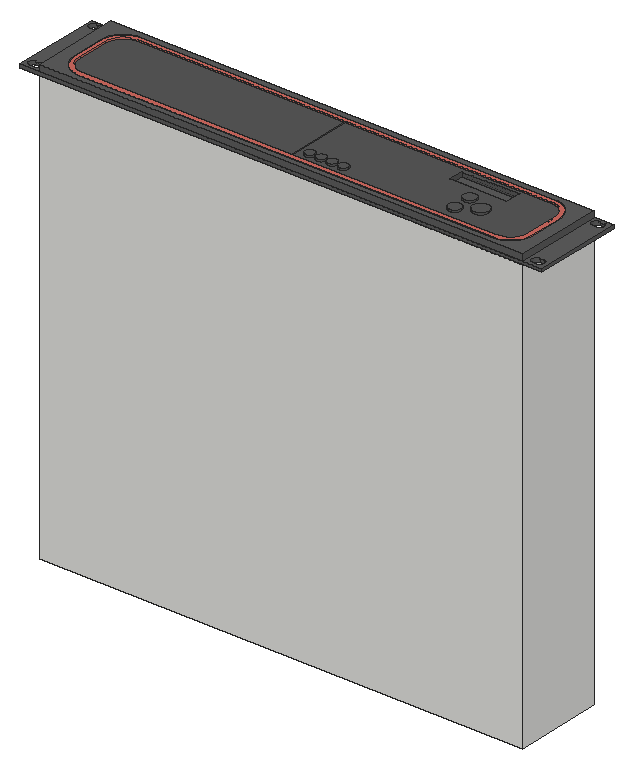
Revit family "Electronics_Amplifier_Biamp_Tesira_4-Channel-175W_AMP-4175R__", category Communication Devices, host Face, Revit 2020
Family settings
  Host = Face
  Maintain Annotation Orientation = No
  Round Connector Dimension = Use Diameter
  Part Type = Normal
  OmniClass Number = 23.85.10.11.14.14.17
  OmniClass Title = Sound Amplifiers
  Cut with Voids When Loaded = Yes
  Shared = No
  Room Calculation Point = No
Parameters (values of type "AMP-4175R")
  Width = 19.00"  # constant formula
  Weight = 20.60 lbf
  Voltage = 120 V
  URL = "https://www.biamp.com/"
  Temperature Range = "32 - 104° F (0 - 40° C)"
  THD+N = "20Hz-20kHz, at rated power: < 0.3%"
  Single Channel = "4 ohm, 8 ohm: 175W"
  Product data url = "https://www.bimobject.com/biamp/product/tesira-amp-4175r_amplifier"
  Product Page URL = "https://www.biamp.com/products/tesira-amplifiers#tesira-amp-4175r"
  Product Documentation Link = "https://downloads.biamp.com/assets/docs/default-source/data-sheets/biamp_data_sheet_tesira_amp-4175r_oct18.pdf"
  Power Factor = 1
  Optional Analog Cards = "Tesira EX-MOD cards: EIC-4, EIOC-4, EOC-4"  # constant formula
  Number of Poles = 1
  Number of Channels = "4"
  Model = "Tesira AMP-4175R"  # constant formula
  Minimum Operational Load = "2 ohm"
  Manufacturer = "Biamp"  # constant formula
  Humidity = "0-95% relative humidity (non-condensing)"  # constant formula
  Housing Material = Biamp - Metal - Silver
  Height = 3.50"  # constant formula
  Frequency Response = "± 1dB"
  Dynamic Range = "> 100dB"
  Dual AVB/TSN Input = "RJ-45 (CAT-5 or higher) inputs; primary and secondary"  # constant formula
  Description = "Tesira® AMP-4175R 4-Channel, 175W Amplifier"  # constant formula
  Depth = 17.39844"  # constant formula
  Default Elevation = 48.00"
  Current Draw = "5.5–2.3A"  # constant formula
  Current = 5.5 A
  Cooling = "Variable speed fan"  # constant formula
  Connector Description = "100-240VAC 50/60Hz"  # constant formula
  Compliance = "FCC Part 15B (USA) CE Marked (Europe) UL and C-UL listed (USA and Canada) RCM (Australia) EAC (Eurasian Customs Union) CCC (China) KCC (Korea) RoHS Directive (Europe)"
  Case = yes
  Bridged = "8 ohm: 350W"
  Balanced Input Impedance = "8 kohm"  # constant formula
  Assembly Code = ""
  Apparent Load = Current * Voltage  # 660 VA
  Altitude = "0-10,000 ft (0-3000m) MSL"  # constant formula
Reference planes (in)
  plane 1 "Center (Front/Back)": y = 0
  plane 2: z = 0
  plane 3 "Center (Left/Right)": x = 0
  plane 4: x = 19.76273
  plane 5: y = 1.43791
  plane 6: y = -1.52561
Forms (in)
  Extrusion 1, solid, material "Biamp - Metal - Silver" <- "Housing Material", visible <- "Case"
    sketch origin (9.88137, -1.79653, -8.32798) x (1, 0, 0) y (0, 0, -1)
      loop
        line (-9.5, 8.69922) -> (-9.5, -8.32798) -> (9.5, -8.32798) -> (9.5, 8.69922) -> (-9.5, 8.69922)
    from 0 to 3.5
  Extrusion 2, solid, material "Biamp - Metal - Black"
    sketch origin (9.88137, -1.79653, -8.32798) x (1, 0, 0) y (0, 0, -1)
      loop
        line (-9.5, -8.44922) -> (-9.5, -8.69922) -> (9.5, -8.69922) -> (9.5, -8.44922) -> (-9.5, -8.44922)
    from 0 to 3.5
  Extrusion 3, solid, material "Biamp - Metal - Black"
    sketch origin (9.88137, -1.79653, -8.32798) x (1, 0, 0) y (0, 1, 0)
      loop
        line (10.25, 3.5) -> (-10.25, 3.5) -> (-10.25, 0) -> (10.25, 0) -> (10.25, 3.5)
    from 8.32798 to 8.45
  Extrusion 4, void, detail levels medium+fine
    sketch origin (9.88137, -1.79653, -8.32798) x (1, 0, 0) y (0, 1, 0)
      loop
        arc (-9.7948, 3.07101) -> (-9.63137, 3.23444) -> (-9.7948, 3.39787) r 0.16343
        line (-9.7948, 3.39787) -> (-9.96794, 3.39787)
        arc (-9.96794, 3.39787) -> (-10.13137, 3.23444) -> (-9.96794, 3.07101) r 0.16343
        line (-9.96794, 3.07101) -> (-9.7948, 3.07101)
      loop
        arc (-9.96794, 0.43436) -> (-10.13137, 0.27093) -> (-9.96794, 0.1075) r 0.16343
        line (-9.96794, 0.1075) -> (-9.7948, 0.1075)
        arc (-9.7948, 0.1075) -> (-9.63137, 0.27093) -> (-9.7948, 0.43436) r 0.16343
        line (-9.7948, 0.43436) -> (-9.96794, 0.43436)
      loop
        arc (9.7948, 3.39787) -> (9.63137, 3.23444) -> (9.7948, 3.07101) r 0.16343
        line (9.7948, 3.07101) -> (9.96794, 3.07101)
        arc (9.96794, 3.07101) -> (10.13137, 3.23444) -> (9.96794, 3.39787) r 0.16343
        line (9.96794, 3.39787) -> (9.7948, 3.39787)
      loop
        arc (9.7948, 0.43436) -> (9.63137, 0.27093) -> (9.7948, 0.1075) r 0.16343
        line (9.7948, 0.1075) -> (9.96794, 0.1075)
        arc (9.96794, 0.1075) -> (10.13137, 0.27093) -> (9.96794, 0.43436) r 0.16343
        line (9.96794, 0.43436) -> (9.7948, 0.43436)
    from 8.32798 to 8.45
  Extrusion 5, solid, material "Biamp - Glass - Gray", detail levels medium+fine
    sketch origin (9.88137, -1.79653, -8.42105) x (1, 0, 0) y (0, 1, 0)
      loop
        line (7.01336, 2.93738) -> (4.76336, 2.93738) -> (4.76336, 2.31238) -> (7.01336, 2.31238) -> (7.01336, 2.93738)
    from 8.61104 to 8.74596
  Extrusion 6, solid, material "Biamp - Plastic - Black", detail levels medium+fine
    sketch origin (9.88137, -1.79653, -8.42105) x (1, 0, 0) y (0, 1, 0)
      loop
        circle (6.70697, 1.42245) r 0.30719
      loop
        circle (6.00161, 1.76362) r 0.25
      loop
        circle (6.01175, 1.00818) r 0.25
      loop
        circle (0.87632, 0.86436) r 0.18364
      loop
        circle (0.43882, 0.86436) r 0.18364
      loop
        circle (1.31382, 0.86436) r 0.18364
      loop
        circle (1.75132, 0.86436) r 0.18364
    from 8.74596 to 8.79228
  Extrusion 7, void
    sketch origin (0.38137, -1.79653, -17.0272) x (0, -1, 0) y (-1, 0, 0)
      loop
        line (-2.40764, -8.71853) -> (-2.40764, -9.63487) -> (-2.15764, -9.63487) -> (-2.15764, -8.71853) -> (-2.40764, -8.71853)
      loop
        line (-2.15764, -11.21853) -> (-2.65764, -11.21853) -> (-2.65764, -11.85362) -> (-2.15764, -11.85362) -> (-2.15764, -11.21853)
      loop
        line (-2.65764, -12.19152) -> (-2.65764, -12.82661) -> (-2.15764, -12.82661) -> (-2.15764, -12.19152) -> (-2.65764, -12.19152)
      loop
        line (-2.65764, -13.44152) -> (-2.65764, -14.07661) -> (-2.15764, -14.07661) -> (-2.15764, -13.44152) -> (-2.65764, -13.44152)
      loop
        line (-1.4216, -17.20698) -> (-1.4216, -18.58198) -> (-0.4841, -18.58198) -> (-0.4841, -17.20698) -> (-1.4216, -17.20698)
      loop
        line (-0.9841, -12.19152) -> (-0.9841, -12.82661) -> (-0.4841, -12.82661) -> (-0.4841, -12.19152) -> (-0.9841, -12.19152)
      loop
        line (-0.9841, -8.94152) -> (-0.9841, -9.57661) -> (-0.4841, -9.57661) -> (-0.4841, -8.94152) -> (-0.9841, -8.94152)
      loop
        line (-0.9841, -5.41027) -> (-0.9841, -6.04536) -> (-0.4841, -6.04536) -> (-0.4841, -5.41027) -> (-0.9841, -5.41027)
      loop
        line (-0.9841, -2.25402) -> (-0.9841, -2.88911) -> (-0.4841, -2.88911) -> (-0.4841, -2.25402) -> (-0.9841, -2.25402)
      loop
        line (-2.84514, -5.05061) -> (-2.84514, -4.35303) -> (-3.28264, -4.35303) -> (-3.28264, -5.05061) -> (-2.84514, -5.05061)
      loop
        line (-2.84514, -4.26512) -> (-2.84514, -3.56754) -> (-3.28264, -3.56754) -> (-3.28264, -4.26512) -> (-2.84514, -4.26512)
      loop
        line (-2.84514, -3.16358) -> (-2.84514, -2.466) -> (-3.28264, -2.466) -> (-3.28264, -3.16358) -> (-2.84514, -3.16358)
      loop
        line (-2.84514, -1.68051) -> (-3.28264, -1.68051) -> (-3.28264, -2.3781) -> (-2.84514, -2.3781) -> (-2.84514, -1.68051)
    from -0.15363 to 0
  Extrusion 8, solid, material "Biamp - Metal - Black", detail levels coarse
    sketch origin (9.88137, -1.79653, -8.32798) x (1, 0, 0) y (0, 0, -1)
      loop
        line (-9.5, -8.44922) -> (-9.5, -8.69922) -> (9.5, -8.69922) -> (9.5, -8.44922) -> (-9.5, -8.44922)
    from 0 to 3.5
  Extrusion 9, solid, material "Biamp - Metal - Black", detail levels coarse
    sketch origin (9.88137, -1.79653, -8.32798) x (1, 0, 0) y (0, 1, 0)
      loop
        line (-10.25, 3.5) -> (-10.25, 0) -> (10.25, 0) -> (10.25, 3.5) -> (-10.25, 3.5)
    from 8.32798 to 8.44922
  Extrusion 10, void
    sketch origin (0, 0, 0) x (1, 0, 0) y (0, 1, 0)
      loop
        line (17.98962, 1.46978) -> (1.77311, 1.46978)
        arc (1.77311, 1.46978) -> (1.14255, 1.20859) -> (0.88137, 0.57803) r 0.89175
        line (0.88137, 0.57803) -> (0.88137, -0.67041)
        arc (0.88137, -0.67041) -> (1.14255, -1.30097) -> (1.77311, -1.56216) r 0.89175
        line (1.77311, -1.56216) -> (17.98962, -1.56216)
        arc (17.98962, -1.56216) -> (18.62018, -1.30097) -> (18.88137, -0.67041) r 0.89175
        line (18.88137, -0.67041) -> (18.88137, 0.57803)
        arc (18.88137, 0.57803) -> (18.62018, 1.20859) -> (17.98962, 1.46978) r 0.89175
    from 0.37124 to 0.12124
  Extrusion 11, solid, material "Biamp - Plastic - Red", detail levels medium+fine
    sketch origin (0, 0, 0) x (1, 0, 0) y (0, 1, 0)
      loop
        arc (1.77311, 1.46978) -> (1.14255, 1.20859) -> (0.88137, 0.57803) r 0.89175
        line (0.88137, 0.57803) -> (0.88137, -0.67041)
        arc (0.88137, -0.67041) -> (1.14255, -1.30097) -> (1.77311, -1.56216) r 0.89175
        line (1.77311, -1.56216) -> (17.98962, -1.56216)
        arc (17.98962, -1.56216) -> (18.62018, -1.30097) -> (18.88137, -0.67041) r 0.89175
        line (18.88137, -0.67041) -> (18.88137, 0.57803)
        arc (18.88137, 0.57803) -> (18.62018, 1.20859) -> (17.98962, 1.46978) r 0.89175
        line (17.98962, 1.46978) -> (1.77311, 1.46978)
      loop
        line (18.71137, -0.67041) -> (18.71137, 0.57803)
        arc (18.71137, 0.57803) -> (18.49997, 1.08838) -> (17.98962, 1.29978) r 0.72175
        line (17.98962, 1.29978) -> (1.77311, 1.29978)
        arc (1.77311, 1.29978) -> (1.26276, 1.08838) -> (1.05137, 0.57803) r 0.72175
        line (1.05137, 0.57803) -> (1.05137, -0.67041)
        arc (1.05137, -0.67041) -> (1.26276, -1.18076) -> (1.77311, -1.39216) r 0.72175
        line (1.77311, -1.39216) -> (17.98962, -1.39216)
        arc (17.98962, -1.39216) -> (18.49997, -1.18076) -> (18.71137, -0.67041) r 0.72175
    from 0.37124 to 0.12202
  Extrusion 12, solid, material "Biamp - Plastic - Black", detail levels medium+fine
    sketch origin (0, 0, 0) x (1, 0, 0) y (0, 1, 0)
      loop
        line (9.95107, -1.39216) -> (17.98962, -1.39216)
        arc (17.98962, -1.39216) -> (18.49997, -1.18076) -> (18.71137, -0.67041) r 0.72175
        line (18.71137, -0.67041) -> (18.71137, 0.57803)
        arc (18.71137, 0.57803) -> (18.49997, 1.08838) -> (17.98962, 1.29978) r 0.72175
        line (17.98962, 1.29978) -> (9.95107, 1.29978) -> (9.95107, -1.39216)
      loop
        line (14.64473, 1.14084) -> (14.64473, 0.51584) -> (16.89473, 0.51584) -> (16.89473, 1.14084) -> (14.64473, 1.14084)
    from 0.12202 to 0.32491
  Extrusion 13, solid, material "Biamp - Plastic - Black(Grid)"
    sketch origin (0, 0, 0) x (1, 0, 0) y (0, 1, 0)
      loop
        line (1.05137, 0.57803) -> (1.05137, -0.67041)
        arc (1.05137, -0.67041) -> (1.26276, -1.18076) -> (1.77311, -1.39216) r 0.72175
        line (1.77311, -1.39216) -> (9.9046, -1.39216) -> (9.9046, 1.29978) -> (1.77311, 1.29978)
        arc (1.77311, 1.29978) -> (1.26276, 1.08838) -> (1.05137, 0.57803) r 0.72175
    from 0.12202 to 0.32491
Cuts and joins
  Extrusion 4 cuts Extrusion 3
  Extrusion 7 cuts Extrusion 1
  Extrusion 10 cuts Extrusion 2
Lines and regions (in)
  Masking region 1
    outline origin (0, 0, 0) x (1, 0, 0) y (0, 0, 1)
      loop
        line (-0.36863, 0) -> (0.38137, 0) -> (0.38137, -17.0272) -> (19.38137, -17.0272) -> (19.38137, 0) -> (20.13137, 0) -> (20.13137, 0.12124) -> (19.38137, 0.12124) -> (19.38137, 0.37124) -> (0.38137, 0.37124) -> (0.38137, 0.12124) -> (-0.36863, 0.12124) -> (-0.36863, 0)
  symbolic lines
    curve 1: line (-0.36863, 0, 0.12124) -> (20.13137, 0, 0.12124)
    curve 2: line (19.38137, 0, 0) -> (0.38137, 0, 0)
Dimensions and locks (in)
  aligned and locked: plane 2 to host face
  aligned and locked: level to host face
Connectors (in)
  electrical at (18.27585, -0.84368, -16.87357), driven by "Number of Poles", driven by "Voltage", driven by "Apparent Load", driven by "Power Factor", driven by "Connector Description"
    settings: on cut or joined group of Extrusion 1, Extrusion 7, index 1, voltage 120 V, apparent load 0 VA, apparent load phase1 660 VA, apparent load phase2 0 VA, apparent load phase3 0 VA, power factor 1, load classification "Other", number of poles 1, system type 31, power factor state 1, is connector primary yes, connector utility no, sub classification motor no, connector description "100-240VAC 50/60Hz"
  electrical at (14.14043, 0.6111, -16.87357)
    settings: on cut or joined group of Extrusion 1, Extrusion 7, index 2, voltage 0 V, apparent load 0 VA, apparent load phase1 0 VA, apparent load phase2 0 VA, apparent load phase3 0 VA, power factor 1, load classification "Other", number of poles 1, system type 5, power factor state 1, is connector primary no, connector utility no, sub classification motor no, connector description "RJ-45; Control"
  electrical at (12.89043, 0.6111, -16.87357)
    settings: on cut or joined group of Extrusion 1, Extrusion 7, index 3, voltage 0 V, apparent load 0 VA, apparent load phase1 0 VA, apparent load phase2 0 VA, apparent load phase3 0 VA, power factor 1, load classification "Other", number of poles 1, system type 5, power factor state 1, is connector primary no, connector utility no, sub classification motor no, connector description "RJ-45; AVB Primary"
  electrical at (11.91744, 0.6111, -16.87357)
    settings: on cut or joined group of Extrusion 1, Extrusion 7, index 4, voltage 0 V, apparent load 0 VA, apparent load phase1 0 VA, apparent load phase2 0 VA, apparent load phase3 0 VA, power factor 1, load classification "Other", number of poles 1, system type 5, power factor state 1, is connector primary no, connector utility no, sub classification motor no, connector description "RJ-45; AVB Secondary"
  electrical at (12.89043, -1.06243, -16.87357)
    settings: on cut or joined group of Extrusion 1, Extrusion 7, index 5, voltage 0 V, apparent load 0 VA, apparent load phase1 0 VA, apparent load phase2 0 VA, apparent load phase3 0 VA, power factor 1, load classification "Other", number of poles 1, system type 5, power factor state 1, is connector primary no, connector utility no, sub classification motor no, connector description "AMP Output; 4"
  electrical at (9.64043, -1.06243, -16.87357)
    settings: on cut or joined group of Extrusion 1, Extrusion 7, index 6, voltage 0 V, apparent load 0 VA, apparent load phase1 0 VA, apparent load phase2 0 VA, apparent load phase3 0 VA, power factor 1, load classification "Other", number of poles 1, system type 5, power factor state 1, is connector primary no, connector utility no, sub classification motor no, connector description "AMP Output; 3"
  electrical at (9.55806, 0.4861, -16.87357)
    settings: on cut or joined group of Extrusion 1, Extrusion 7, index 7, voltage 0 V, apparent load 0 VA, apparent load phase1 0 VA, apparent load phase2 0 VA, apparent load phase3 0 VA, power factor 1, load classification "Other", number of poles 1, system type 5, power factor state 1, is connector primary no, connector utility no, sub classification motor no, connector description "Logic I/O"
  electrical at (6.10918, -1.06243, -16.87357)
    settings: on cut or joined group of Extrusion 1, Extrusion 7, index 8, voltage 0 V, apparent load 0 VA, apparent load phase1 0 VA, apparent load phase2 0 VA, apparent load phase3 0 VA, power factor 1, load classification "Other", number of poles 1, system type 5, power factor state 1, is connector primary no, connector utility no, sub classification motor no, connector description "AMP Output; 2"
  electrical at (5.08319, 1.26735, -16.87357)
    settings: on cut or joined group of Extrusion 1, Extrusion 7, index 9, voltage 0 V, apparent load 0 VA, apparent load phase1 0 VA, apparent load phase2 0 VA, apparent load phase3 0 VA, power factor 1, load classification "Other", number of poles 1, system type 5, power factor state 1, is connector primary no, connector utility no, sub classification motor no, connector description "Analog Audio I/O 4"
  electrical at (4.2977, 1.26735, -16.87357)
    settings: on cut or joined group of Extrusion 1, Extrusion 7, index 10, voltage 0 V, apparent load 0 VA, apparent load phase1 0 VA, apparent load phase2 0 VA, apparent load phase3 0 VA, power factor 1, load classification "Other", number of poles 1, system type 5, power factor state 1, is connector primary no, connector utility no, sub classification motor no, connector description "Analog Audio I/O 3"
  electrical at (3.19616, 1.26735, -16.87357)
    settings: on cut or joined group of Extrusion 1, Extrusion 7, index 11, voltage 0 V, apparent load 0 VA, apparent load phase1 0 VA, apparent load phase2 0 VA, apparent load phase3 0 VA, power factor 1, load classification "Other", number of poles 1, system type 5, power factor state 1, is connector primary no, connector utility no, sub classification motor no, connector description "Analog Audio I/O 2"
  electrical at (2.41067, 1.26735, -16.87357)
    settings: on cut or joined group of Extrusion 1, Extrusion 7, index 12, voltage 0 V, apparent load 0 VA, apparent load phase1 0 VA, apparent load phase2 0 VA, apparent load phase3 0 VA, power factor 1, load classification "Other", number of poles 1, system type 5, power factor state 1, is connector primary no, connector utility no, sub classification motor no, connector description "Analog Audio I/O 1"
  electrical at (2.95293, -1.06243, -16.87357)
    settings: on cut or joined group of Extrusion 1, Extrusion 7, index 13, voltage 0 V, apparent load 0 VA, apparent load phase1 0 VA, apparent load phase2 0 VA, apparent load phase3 0 VA, power factor 1, load classification "Other", number of poles 1, system type 5, power factor state 1, is connector primary no, connector utility no, sub classification motor no, connector description "AMP Output; 1"
